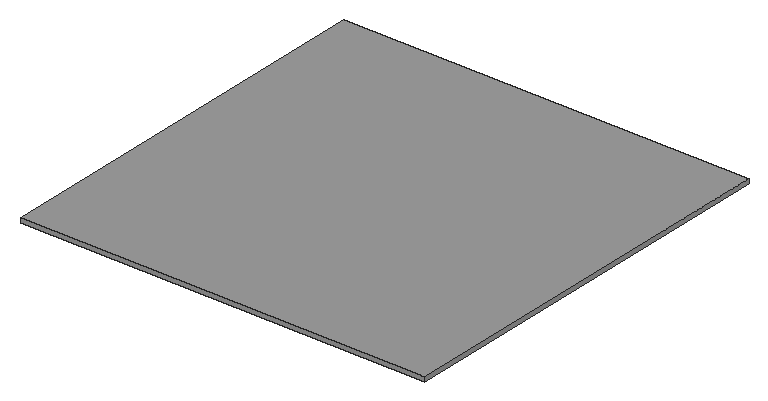
Revit family "BK-BK Inverted Roof 45mm Family", category Generic Models, host Floor, Revit 2017
Family settings
  Host = Floor
  Can host rebar = No
  Round Connector Dimension = Use Diameter
  Part Type = Normal
  Always vertical = Yes
  Cut with Voids When Loaded = No
  Shared = No
  Room Calculation Point = No
Parameters (values of type "Lambdaboard")
  Width = 4000 mm
  URL = "www.rigifoam.com"
  Type Comments = "duncan@rigifoam.com"
  Thermal Resistance = 1.8800 (m²·K)/W
  Thermal Conductivity = 0.0240 W/(m·K)
  Model = "BK/BK Inverted Roof 45mm"
  Material = Polyisocyanurate
  Manufacturer = "Lambdaboard"
  Length = 4000 mm
  Slab Thickness = 300 mm
  Description = "Flexible PIR Insulation"
  Depth = 45 mm
  Density = 40.0000 kg/m³
Reference planes
  plane 1 "Center (Front/Back)": y = 0
  plane 2: z = 0
  plane 3 "Center (Left/Right)": x = 0
Forms (mm)
  Extrusion 1, solid, material "Polyisocyanurate" <- "Material"
    sketch origin (0, 0, 0) x (1, 0, 0) y (0, 1, 0)
      loop
        line (-2000, 2000) -> (-2000, -2000) -> (2000, -2000) -> (2000, 2000) -> (-2000, 2000)
    from -300 to -345
Dimensions and locks
  "Depth": Extrusion 1 to Extrusion 1
  "Length": Extrusion 1 to Extrusion 1
  "Width": Extrusion 1 to Extrusion 1
  "Slab Thickness": plane 2 to Extrusion 1
  aligned and locked: level to plane 2
Automatic sketch dimensions
  Extrusion 1 sketch curve to plane 3 "Center (Left/Right)" = 2000 mm
  plane 3 "Center (Left/Right)" to Extrusion 1 sketch curve = 2000 mm
  plane 1 "Center (Front/Back)" to Extrusion 1 sketch curve = 2000 mm
  Extrusion 1 sketch curve to plane 1 "Center (Front/Back)" = 2000 mm
